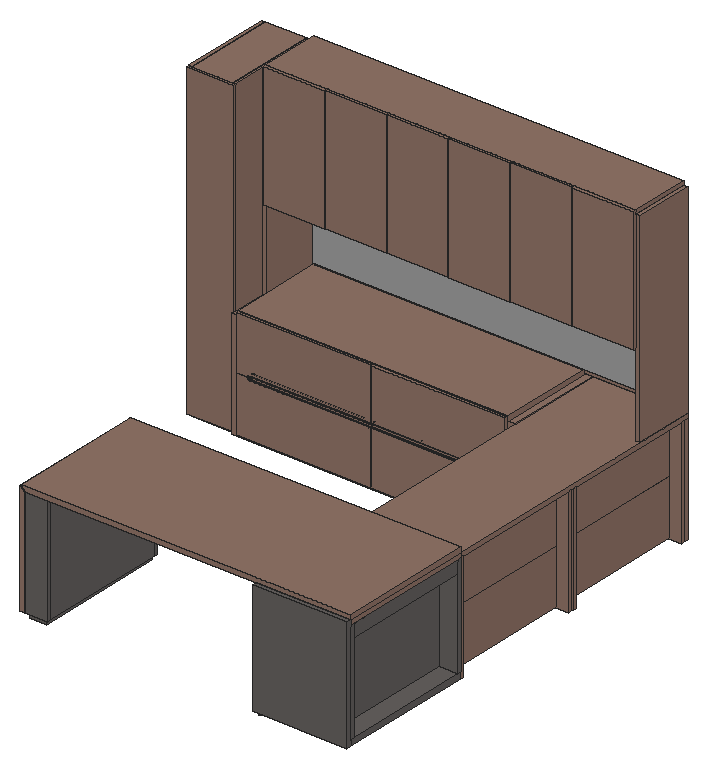
Revit family "OFS TYPICAL T100006", category Furniture, Revit 2022
Family settings
  OmniClass Number = 23.40.20.00
  OmniClass Title = General Furniture and Specialties
  Work Plane-Based = No
  Always vertical = Yes
  Cut with Voids When Loaded = No
  Render Appearance Source = Family Geometry
  Shared = No
  Room Calculation Point = No
Parameters (values of type "T100006")
  URL = "http://ofs.com/"
  Model = "T100006"
  Manufacturer = "OFS"
  Description = "OFS TYPICAL T100006"
  Default Elevation = 0' - 0"
  Copyright © = "©OFS 2024"
  Catalog = ""
  Authoring Version = "Autodesk Revit 2018"
  Assembly Code = "E2020200"
Reference planes (in)
  plane 1 "Center Front/Back": y = 0
  plane 2: z = 0
  plane 3 "Center Left/Right": x = 0
Dimensions and locks (in)
  aligned and locked: level to plane 2
Nested families (in)
  nested 1: "OFS SLATE STORAGE CABINET WARDROBE" at (-12, 0, 0), type "Storage Cabinet-Wardrobe 24.75D Left - 12W x 81H"
    with Top OFS SLATE Dark Wood, Right no, Left yes, Glides OFS SLATE Black Plastic, Door OFS SLATE Dark Wood, Case OFS SLATE Dark Wood, Base OFS SLATE Dark Wood
  nested 2: "OFS SLATE BRIDGES" at (72, 0, 0) x (0, -1, 0) z (0, 0, 1), type "72W Return Extended Bridge - Left"
    with Top OFS SLATE Dark Wood, Panel OFS SLATE Dark Wood
  nested 3: "OFS SLATE TACKBOARDS" at (0.125, 0, 0.375), type "Tackboard 96W x 19D"
    with Elevation 2' - 6 1/2", Board OFS SLATE White Fabric
  nested 4: "OFS SLATE CREDENZAS" at (0, 0, 0), type "72"W Overlay Lateral File"
    with Top OFS Dark Wood, Panel OFS Dark Wood, Glides OFS Black Plastic, Drawers OFS Dark Wood, Case OFS Dark Wood, Base OFS Dark Wood
  nested 5: "OFS SLATE OVERLAY WORK TABLE HEIGHT ADJUSTABLE" at (96, -108, 0) x (-1, 0, 0) z (0, 0, 1), type "OVERLAY WORK TABLE HEIGHT ADJUSTABLE 84W x 36D Right"
    with Worksurface OFS BRANDS Dark Wood, Panel OFS BRANDS Black Wood, Feet OFS BRANDS White Glide
  nested 6: "OFS SLATE OVERLAY HIGHBACK ORGANIZER" at (0, 0, 0), type "Overlay Highback Organizer 6 Doors 96W x 52H - 2 High"
    with Top OFS BRANDS Dark Wood, Show Doors yes, Panel OFS BRANDS Dark Wood, Elevation 2' - 5 1/4", Doors OFS BRANDS Dark Wood, Center Doors yes, Base Panel OFS BRANDS Dark Wood, Base OFS BRANDS Dark Wood, Back OFS BRANDS Dark Wood
Definition of nested family "OFS SLATE STORAGE CABINET WARDROBE"
  Parameters (values of type "Storage Cabinet-Wardrobe 18D Left - 12W x 69H")
    Width = 1' - 0"
    URL = "http://www.ofs.com/"
    Top [instance] = none
    Right [instance] = no
    Model = "CA-121869LSW"
    Manufacturer = "CAROLINA"  # constant formula
    Left [instance] = yes
    Height = 5' - 9"
    Glides [instance] = none
    Door [instance] = none
    Description = "OFS SLATE Storage Cabinet/Wardrobe Left 12W x 18D x 68.75H, Slate Private Office"
    Depth = 1' - 6"
    Default Elevation = 0' - 0"
    Copyright © = "© 2019 OFS"  # constant formula
    Catalog = "https://ofs.com/products/tables/conference/slate"  # constant formula
    Case [instance] = none
    Base [instance] = none
    Authoring Version = "Autodesk Revit Architecture 2014"  # constant formula
    Assembly Code = "E2020200"
  Types (16): name | Width | Right | Model | Left | Height | Description | Depth
    Storage Cabinet-Wardrobe 24.75D Left - 18W x 81H | 1' - 6" | no | "CA-18481LSW" | yes | 6' - 9" | "OFS SLATE Storage Cabinet/Wardrobe Left 18W x 24.75D x 80.75H, Slate Private Office" | 2' - 0"
    Storage Cabinet-Wardrobe 24.75D Left - 12W x 81H | 1' - 0" | no | "CA-122481LSW" | yes | 6' - 9" | "OFS SLATE Storage Cabinet/Wardrobe Left 12W x 24.75D x 80.75H, Slate Private Office" | 2' - 0"
    Storage Cabinet-Wardrobe 24.75D Left - 18W x 69H | 1' - 6" | no | "CA-182469LSW" | yes | 5' - 9" | "OFS SLATE Storage Cabinet/Wardrobe Left 18W x 24.75D x 68.75H, Slate Private Office" | 2' - 0"
    Storage Cabinet-Wardrobe 24.75D Left - 12W x 69H | 1' - 0" | no | "CA-122469LSW" | yes | 5' - 9" | "OFS SLATE Storage Cabinet/Wardrobe Left 12W x 24.75D x 68.75H, Slate Private Office" | 2' - 0"
    Storage Cabinet-Wardrobe 24.75D Right - 18W x 81H | 1' - 6" | yes | "CA-182481RSW" | no | 6' - 9" | "OFS SLATE Storage Cabinet/Wardrobe Right 18W x 24.75D x 80.75H, Slate Private Office" | 2' - 0"
    Storage Cabinet-Wardrobe 24.75D Right - 12W x 81H | 1' - 0" | yes | "CA-122481RSW" | no | 6' - 9" | "OFS SLATE Storage Cabinet/Wardrobe Right 12W x 24.75D x 80.75H, Slate Private Office" | 2' - 0"
    Storage Cabinet-Wardrobe 24.75D Right - 18W x 69H | 1' - 6" | yes | "CA-182469RSW" | no | 5' - 9" | "OFS SLATE Storage Cabinet/Wardrobe Right 18W x 24.75D x 68.75H, Slate Private Office" | 2' - 0"
    Storage Cabinet-Wardrobe 24.75D Right - 12W x 69H | 1' - 0" | yes | "CA-122469RSW" | no | 5' - 9" | "OFS SLATE Storage Cabinet/Wardrobe Right 12W x 24.75D x 68.75H, Slate Private Office" | 2' - 0"
    Storage Cabinet-Wardrobe 18D Left - 18W x 81H | 1' - 6" | no | "CA-181881LSW" | yes | 6' - 9" | "OFS SLATE Storage Cabinet/Wardrobe Left 18W x 18D x 80.75H, Slate Private Office" | 1' - 6"
    Storage Cabinet-Wardrobe 18D Left - 12W x 81H | 1' - 0" | no | "CA-121881LSW" | yes | 6' - 9" | "OFS SLATE Storage Cabinet/Wardrobe Left 12W x 18D x 80.75H, Slate Private Office" | 1' - 6"
    Storage Cabinet-Wardrobe 18D Left - 18W x 69H | 1' - 6" | no | "CA-181869LSW" | yes | 5' - 9" | "OFS SLATE Storage Cabinet/Wardrobe Left 18W x 18D x 68.75H, Slate Private Office" | 1' - 6"
    Storage Cabinet-Wardrobe 18D Left - 12W x 69H | 1' - 0" | no | "CA-121869LSW" | yes | 5' - 9" | "OFS SLATE Storage Cabinet/Wardrobe Left 12W x 18D x 68.75H, Slate Private Office" | 1' - 6"
    Storage Cabinet-Wardrobe 18D Right - 18W x 81H | 1' - 6" | yes | "CA-181881RSW" | no | 6' - 9" | "OFS SLATE Storage Cabinet/Wardrobe Right 18W x 18D x 80.75H, Slate Private Office" | 1' - 6"
    Storage Cabinet-Wardrobe 18D Right - 12W x 81H | 1' - 0" | yes | "CA-121881RSW" | no | 6' - 9" | "OFS SLATE Storage Cabinet/Wardrobe Right 12W x 18D x 80.75H, Slate Private Office" | 1' - 6"
    Storage Cabinet-Wardrobe 18D Right - 18W x 69H | 1' - 6" | yes | "CA-181869RSW" | no | 5' - 9" | "OFS SLATE Storage Cabinet/Wardrobe Right 18W x 18D x 68.75H, Slate Private Office" | 1' - 6"
    Storage Cabinet-Wardrobe 18D Right - 12W x 69H | 1' - 0" | yes | "CA-121869RSW" | no | 5' - 9" | "OFS SLATE Storage Cabinet/Wardrobe Right 12W x 18D x 68.75H, Slate Private Office" | 1' - 6"
  Reference planes (in)
    plane 1 "Center (Front/Back)": y = 0
    plane 2: z = 0
    plane 3 "Center (Left/Right)": x = 0
    plane 4: x = 12
    plane 5: x = 6
    plane 6: y = -18
    plane 7: y = -21.66451
    plane 8: z = 68.7
    plane 9: z = 68.6375
    plane 10: z = 67.95
    plane 11: z = 1.7625
    plane 12: z = 2.45
    plane 13: z = 1.7
    plane 14: z = 0.45
    plane 15: z = 69
  Dimensions and locks (in)
    "Width": plane 3 "Center (Left/Right)" to plane 4
    equal spacing: plane 3 "Center (Left/Right)", plane 5, plane 4
    plane 15 to plane 8 to plane 9 to plane 10 = 0' - 0.3" locked, 0' - 0 1/16" locked, 0' - 0 11/16" locked
    plane 12 to plane 11 to plane 13 to plane 14 to level = 0' - 0 11/16" locked, 0' - 0 1/16" locked, 0' - 1 1/4" locked, 0' - 0.45" locked
    "Height": plane 15 to level
    equal spacing: nested 3, nested 4, plane 3 "Center (Left/Right)"
    locked: plane 7 to plane 6 at 3.66451
    "Depth": plane 6 to plane 1 "Center (Front/Back)"
    aligned and locked: level to plane 2
    aligned and locked: nested 1 to plane 7
    aligned and locked: plane 5 to nested 1
    aligned and locked: nested 4 to plane 7
  Nested families (in)
    nested 1: "Tag" at (6, -21.66451, 0) x (-1, 0, 0) z (0, 0, 1), visible <- "Left", type "Center", detail levels fine
      with Offset (LR) 0' - 0", Distance of Center (not Change) 0' - 0.11"
    nested 2: "OFS_Slate Private Office_Storage_Cabinet_Wardrobe" at (0, 0, 0), Top <- "Top", Glides <- "Glides", Drawers <- "Door", Case <- "Case", Base <- "Base", visible <- "Left", type "OFS_Slate Private Office_Storage_Cabinet_Wardrobe"
      with Top none, Right no, Left yes, Glides none, Drawers none, Case none, Base none
    nested 3: "OFS_Slate Private Office_Storage_Cabinet_Wardrobe" at (0, 0, 0) x (-1, 0, 0) z (0, 0, 1), Top <- "Top", Glides <- "Glides", Drawers <- "Door", Case <- "Case", Base <- "Base", visible <- "Right", type "OFS_Slate Private Office_Storage_Cabinet_Wardrobe"
      with Top none, Right no, Left yes, Glides none, Drawers none, Case none, Base none
    nested 4: "Tag" at (-6, -21.66451, 0), visible <- "Right", type "Center", detail levels fine
      with Offset (LR) 0' - 0", Distance of Center (not Change) 0' - 0.11"
  Definition of nested family "OFS_Slate Private Office_Storage_Cabinet_Wardrobe"
    Parameters
      Width = 1' - 0"
      URL = "http://www.ofsbrands.com/"
      Top [instance] = none
      Right [instance] = no
      Model = "Type Catalog"
      Manufacturer = "OFS BRANDS"  # constant formula
      Left [instance] = yes
      Height = 5' - 9"
      Glides [instance] = none
      Drawers [instance] = none
      Description = "Type Catalog"
      Depth = 1' - 6"
      Default Elevation = 0' - 0"
      Copyright © = "© 2016 OFS BRANDS"  # constant formula
      Catalog = "OFS"  # constant formula
      Case [instance] = none
      Base [instance] = none
      Authoring Version = "Autodesk Revit Architecture 2014"  # constant formula
      Assembly Code = "E2020200"
    Reference planes (in)
      plane 1 "Center (Front/Back)": y = 0
      plane 2: z = 0
      plane 3 "Center (Left/Right)": x = 0
      plane 4: x = 12
      plane 5: x = 6
      plane 6: y = -0.75
      plane 7: y = -1.37544
      plane 8: y = -18
      plane 9: y = -17.25
      plane 10: y = -16.375
      plane 11: y = -14.99956
      plane 12: y = -15.625
      plane 13: y = -21.66451
      plane 14: x = 0.75
      plane 15: x = 2.25
      plane 16: x = 9.75
      plane 17: x = 11.25
      plane 18: z = 68.7
      plane 19: z = 68.6375
      plane 20: z = 67.95
      plane 21: z = 1.7625
      plane 22: z = 2.45
      plane 23: z = 1.7
      plane 24: z = 0.45
      plane 25: z = 69
    Forms (in)
      Revolve 1, solid, material <- "Glides"
        sketch origin (14.86463, -1.37544, 140) x (1, 0, 0) y (0, 0, 1)
          loop
            line (-13.47373, -139.55) -> (-13.72373, -139.55) -> (-13.72373, -139.74756) -> (-13.76241, -139.74756)
            arc (-13.76241, -139.74756) -> (-13.84683, -139.89216) -> (-13.71873, -140) r 0.13
            line (-13.71873, -140) -> (-13.47373, -140) -> (-13.47373, -139.55)
          axis (-13.47373, -139.55) -> (-13.47373, -140)
        angle from 0 to 360
      Revolve 2, solid, material <- "Glides"
        sketch origin (-2.86463, -1.37544, 140) x (-1, 0, 0) y (0, 0, -1)
          loop
            line (-13.47373, 139.55) -> (-13.47373, 140) -> (-13.71873, 140)
            arc (-13.71873, 140) -> (-13.84683, 139.89216) -> (-13.76241, 139.74756) r 0.13
            line (-13.76241, 139.74756) -> (-13.72373, 139.74756) -> (-13.72373, 139.55) -> (-13.47373, 139.55)
          axis (-13.47373, 139.55) -> (-13.47373, 140)
        angle from 0 to 360
      Revolve 3, solid, material <- "Glides"
        sketch origin (14.86463, -14.99956, 140) x (1, 0, 0) y (0, 0, 1)
          loop
            line (-13.47373, -139.55) -> (-13.72373, -139.55) -> (-13.72373, -139.74756) -> (-13.76241, -139.74756)
            arc (-13.76241, -139.74756) -> (-13.84683, -139.89216) -> (-13.71873, -140) r 0.13
            line (-13.71873, -140) -> (-13.47373, -140) -> (-13.47373, -139.55)
          axis (-13.47373, -139.55) -> (-13.47373, -140)
        angle from 0 to 360
      Revolve 4, solid, material <- "Glides"
        sketch origin (14.86463, -14.99956, 140) x (1, 0, 0) y (0, 0, 1)
          loop
            line (-4.25553, -139.55) -> (-4.25553, -140) -> (-4.01053, -140)
            arc (-4.01053, -140) -> (-3.88244, -139.89216) -> (-3.96686, -139.74756) r 0.13
            line (-3.96686, -139.74756) -> (-4.00553, -139.74756) -> (-4.00553, -139.55) -> (-4.25553, -139.55)
          axis (-4.25553, -139.55) -> (-4.25553, -140)
        angle from 0 to 360
      Extrusion 5, solid, material <- "Case"
        sketch origin (-18.37457, -60, 0.45) x (-1, 0, 0) y (0, -1, 0)
          loop
            line (-19.12457, -59.25) -> (-19.12457, -57.75) -> (-20.62457, -57.75) -> (-20.62457, -59.25) -> (-19.12457, -59.25)
          loop
            line (-28.12457, -59.25) -> (-28.12457, -57.75) -> (-29.62457, -57.75) -> (-29.62457, -59.25) -> (-28.12457, -59.25)
          loop
            line (-19.12457, -44.375) -> (-20.62457, -44.375) -> (-20.62457, -45.875) -> (-19.12457, -45.875) -> (-19.12457, -44.375)
          loop
            line (-28.12457, -44.375) -> (-29.62457, -44.375) -> (-29.62457, -45.875) -> (-28.12457, -45.875) -> (-28.12457, -44.375)
        from 0 to 1.25
      Sweep 6, solid, material <- "Case"
        path origin (-18.37457, -60, 0.45) x (-1, 0, 0) y (0, -1, 0)
          loop
            line (-19.12457, -60) -> (-19.12457, -44.375) -> (-29.62457, -44.375) -> (-29.62457, -60)
        profile origin (6, -15.625, 0.45) x (0, 1, 0) y (0, 0, 1)
          loop
            line (0, 0) -> (0, 1.25) -> (-0.75, 1.25) -> (-0.75, 0) -> (0, 0)
      Extrusion 7, solid, material <- "Case"
        sketch origin (0, 0, 0) x (1, 0, 0) y (0, 0, 1)
          loop
            line (0, 1.7) -> (0.75, 1.7) -> (0.75, 68.7) -> (0, 68.7) -> (0, 1.7)
          loop
            line (12, 1.7) -> (12, 68.7) -> (11.25, 68.7) -> (11.25, 1.7) -> (12, 1.7)
        from 0 to 17.25
      Extrusion 8, solid, material <- "Drawers"
        sketch origin (-3.04745, -18, 140) x (-1, 0, 0) y (0, 0, 1)
          loop
            line (-14.98502, -138.2375) -> (-3.10988, -138.2375) -> (-3.10988, -71.3625) -> (-14.98502, -71.3625) -> (-14.98502, -138.2375)
        from 0 to 0.75
      Extrusion 9, solid, material <- "Top"
        sketch origin (0.75, 2.87053, 140) x (0, 1, 0) y (0, 0, 1)
          loop
            line (-2.87053, -71.3) -> (-20.12053, -71.3) -> (-20.12053, -72.05) -> (-2.87053, -72.05) -> (-2.87053, -71.3)
        from 0 to 10.5
      Extrusion 10, solid, material <- "Base"
        sketch origin (0.75, 2.87053, 140) x (0, 1, 0) y (0, 0, 1)
          loop
            line (-3.62053, -137.55) -> (-20.12053, -137.55) -> (-20.12053, -138.3) -> (-3.62053, -138.3) -> (-3.62053, -137.55)
        from 0 to 10.5
      Extrusion 11, solid, material <- "Case"
        sketch origin (-18.37457, -60, 0.45) x (-1, 0, 0) y (0, -1, 0)
          loop
            line (-19.12457, -60) -> (-19.12457, -59.25) -> (-29.62457, -59.25) -> (-29.62457, -60) -> (-19.12457, -60)
        from 0 to 67.5
    Cuts and joins
      joined: Sweep 6, Extrusion 7
      joined: Revolve 1, Revolve 2, Revolve 3, Revolve 4
    Lines and regions (in)
      Masking region 1
        outline origin (-18.37457, -60, 68.7) x (-1, 0, 0) y (0, -1, 0)
          loop
            line (-18.37457, -60) -> (-18.37457, -42) -> (-30.37457, -42) -> (-30.37457, -60) -> (-18.37457, -60)
      symbolic lines, detail levels medium+fine
        curve 1: line (0, -18, 68.7) -> (12, -21.66451, 68.7)
        curve 2: line (12, -21.66451, 68.7) -> (12, -18, 68.7)
    Dimensions and locks (in)
      "Width": plane 3 "Center (Left/Right)" to plane 4
      equal spacing: plane 3 "Center (Left/Right)", plane 5, plane 4
      plane 3 "Center (Left/Right)" to plane 14 to plane 15 = 0' - 0 3/4" locked, 0' - 1 1/2" locked
      plane 16 to plane 17 to plane 4 = 0' - 1 1/2" locked, 0' - 0 3/4" locked
      plane 13 to plane 8 to plane 9 to plane 10 to plane 12 to plane 11 = 0' - 3.66451" locked, 0' - 0 3/4" locked, 0' - 0 7/8" locked, 0' - 0 3/4" locked, 0' - 0.62544" locked
      plane 7 to plane 6 to plane 1 "Center (Front/Back)" = 0' - 0.62544" locked, 0' - 0 3/4" locked
      "Depth": plane 8 to plane 1 "Center (Front/Back)"
      plane 25 to plane 18 to plane 19 to plane 20 = 0' - 0.3" locked, 0' - 0 1/16" locked, 0' - 0 11/16" locked
      plane 22 to plane 21 to plane 23 to plane 24 to level = 0' - 0 11/16" locked, 0' - 0 1/16" locked, 0' - 1 1/4" locked, 0' - 0.45" locked
      "Height": plane 25 to level
      aligned and locked: level to plane 2
      aligned and locked: Extrusion 5 sketch curve to plane 6  (x2)
      aligned and locked: plane 14 to Extrusion 5 sketch curve
      aligned and locked: Extrusion 5 sketch curve to plane 15
      aligned and locked: plane 16 to Extrusion 5 sketch curve
      aligned and locked: plane 17 to Extrusion 5 sketch curve
      aligned and locked: Extrusion 5 sketch curve to plane 12  (x2)
      aligned and locked: Extrusion 5 sketch curve to plane 14
      aligned and locked: plane 15 to Extrusion 5 sketch curve
      aligned and locked: Extrusion 5 sketch curve to plane 16
      aligned and locked: Extrusion 5 sketch curve to plane 17
      aligned and locked: plane 23 to Extrusion 5
      aligned and locked: Sweep 6 sketch curve to plane 12
      aligned and locked: plane 18 to Extrusion 7 sketch curve
      aligned and locked: Extrusion 7 sketch curve to plane 3 "Center (Left/Right)"
      aligned and locked: plane 14 to Extrusion 7 sketch curve
      aligned and locked: Extrusion 7 sketch curve to plane 18
      aligned and locked: Extrusion 7 sketch curve to plane 17
      aligned and locked: Extrusion 7 sketch curve to plane 4
      aligned and locked: plane 9 to Extrusion 7
      aligned and locked: plane 19 to Extrusion 8 sketch curve
      aligned and locked: plane 21 to Extrusion 8 sketch curve
      aligned and locked: Extrusion 9 sketch curve to plane 9
      aligned and locked: Extrusion 9 sketch curve to plane 18
      aligned and locked: plane 20 to Extrusion 9 sketch curve
      aligned and locked: plane 1 "Center (Front/Back)" to Extrusion 9 sketch curve
      aligned and locked: Extrusion 10 sketch curve to plane 22
      aligned and locked: Extrusion 10 sketch curve to plane 6
      aligned and locked: Extrusion 10 to plane 17
      aligned and locked: Extrusion 11 sketch curve to Extrusion 10
      aligned and locked: plane 20 to Extrusion 11
      aligned and locked: Extrusion 9 to plane 17
      aligned and locked: plane 14 to Sweep 6 sketch curve
      aligned and locked: plane 17 to Sweep 6 sketch curve
      aligned and locked: Extrusion 11 to plane 24
      aligned and locked: Masking region 1 sketch curve to plane 4
      aligned and locked: plane 3 "Center (Left/Right)" to Masking region 1 sketch curve
      aligned and locked: plane 1 "Center (Front/Back)" to Masking region 1 sketch curve
      aligned and locked: plane 8 to Masking region 1 sketch curve
      aligned and locked: plane 13 to curve 1
      aligned and locked: plane 4 to curve 1
      aligned and locked: plane 3 "Center (Left/Right)" to curve 1
      aligned and locked: plane 8 to curve 1
      aligned and locked: plane 8 to curve 2
      aligned and locked: Extrusion 7 sketch curve to plane 23
      aligned and locked: plane 23 to Extrusion 7 sketch curve
      aligned and locked: plane 1 "Center (Front/Back)" to Sweep 6 sketch curve  (x2)
    Automatic sketch dimensions
      Revolve 1 sketch curve to plane 24 = 0' - 0"
      Revolve 1 sketch curve to level = 0' - 0"
      Revolve 1 sketch curve to plane 24 = 0' - 0.19756"
      plane 14 to Revolve 1 sketch curve = 0' - 0.35223"
      Revolve 1 sketch curve to Revolve 1 sketch curve = 0' - 0.03868"
      Revolve 1 sketch curve to Revolve 1 sketch curve = 0' - 0.005"
      Revolve 1 sketch curve to Revolve 1 sketch curve = 0' - 0.245"
      Revolve 1 sketch curve to Revolve 1 sketch curve = 0' - 0"
      Revolve 1 sketch curve to level = 0' - 0.14265"
      Revolve 1 sketch curve to Revolve 1 sketch curve = 0' - 0.19756"
      Revolve 2 sketch curve to plane 24 = 0' - 0"
      Revolve 2 sketch curve to level = 0' - 0"
      Revolve 2 sketch curve to plane 24 = 0' - 0.19756"
      plane 17 to Revolve 2 sketch curve = 0' - 0.35223"
      Revolve 2 sketch curve to Revolve 2 sketch curve = 0' - 0.03868"
      Revolve 2 sketch curve to Revolve 2 sketch curve = 0' - 0.005"
      Revolve 2 sketch curve to Revolve 2 sketch curve = 0' - 0.245"
      Revolve 2 sketch curve to Revolve 2 sketch curve = 0' - 0"
      Revolve 2 sketch curve to Revolve 2 sketch curve = 0' - 0.19756"
      Revolve 2 sketch curve to level = 0' - 0.14265"
      Revolve 3 sketch curve to plane 24 = 0' - 0"
      Revolve 3 sketch curve to level = 0' - 0"
      Revolve 3 sketch curve to plane 24 = 0' - 0.19756"
      plane 14 to Revolve 3 sketch curve = 0' - 0.35223"
      Revolve 3 sketch curve to Revolve 3 sketch curve = 0' - 0.03868"
      Revolve 3 sketch curve to Revolve 3 sketch curve = 0' - 0.005"
      Revolve 3 sketch curve to Revolve 3 sketch curve = 0' - 0.245"
      Revolve 3 sketch curve to Revolve 3 sketch curve = 0' - 0"
      Revolve 3 sketch curve to level = 0' - 0.14265"
      Revolve 3 sketch curve to Revolve 3 sketch curve = 0' - 0.19756"
      Revolve 4 sketch curve to plane 24 = 0' - 0"
      Revolve 4 sketch curve to level = 0' - 0"
      plane 17 to Revolve 4 sketch curve = 0' - 0.6409"
      Revolve 4 sketch curve to Revolve 4 sketch curve = 0' - 0.245"
      Revolve 4 sketch curve to Revolve 4 sketch curve = 0' - 0.005"
      Revolve 4 sketch curve to Revolve 4 sketch curve = 0' - 0.03868"
      Revolve 4 sketch curve to Revolve 4 sketch curve = 0' - 0.13"
      Revolve 4 sketch curve to Revolve 4 sketch curve = 0' - 0"
      Revolve 4 sketch curve to level = 0' - 0.14265"
      Revolve 4 sketch curve to Revolve 4 sketch curve = 0' - 0.19756"
      plane 7 to Extrusion 5 sketch curve = 0' - 0.87456"  (x2)
      Extrusion 5 sketch curve to plane 11 = 0' - 0.87456"  (x2)
      Sweep 6 sketch curve to plane 24 = 0' - 0"
      Sweep 6 sketch curve to profile plane = 0' - 0"
      profile plane to Sweep 6 sketch curve = 0' - 0 3/4"
      Sweep 6 sketch curve to Sweep 6 sketch curve = 0' - 1 1/4"
      Extrusion 8 sketch curve to plane 4 = 0' - 0.06243"
      plane 3 "Center (Left/Right)" to Extrusion 8 sketch curve = 0' - 0.06243"
      Extrusion 11 sketch curve to plane 6 = 0' - 0"
      Extrusion 10 sketch curve to plane 9 = 0' - 0"
      Extrusion 10 sketch curve to plane 23 = 0' - 0"
      Extrusion 11 sketch curve to plane 14 = 0' - 0"
      plane 1 "Center (Front/Back)" to Extrusion 11 sketch curve = 0' - 0"
  Definition of nested family "Tag"
    Parameters
      P_Width = 0' - 0"
      Text_Width = "Empty"
      Text_Height = "Empty"
      Text_Diameter = "Empty"
      Text_Depth = "Empty"
      Offset (LR) [instance] = 0' - 0"
      Model Name = "Type Catalog"
      P_Height = 0' - 0"
      Distance of Center (not Change) = 0' - 0.1"
      P_Diameter = 0' - 0"
      P_Depth = 0' - 0"
    Reference planes (in)
      plane 1: y = 0
      plane 2: x = 0
    Lines and regions (in)
      reference lines
        curve 1: line (-0.44359, 0.1, 0) -> (0.41085, 0.1, 0)
        curve 3: line (0, 0.42564, 0) -> (0, -0.30221, 0)
      reference lines, not visible
        curve 2: line (-0.44359, 0.09843, 0) -> (0.41085, 0.09843, 0)
        curve 4: line (0, 0.42407, 0) -> (0, -0.30379, 0)
    Text (in)
      label "Empty" at (0.00197, 0.0921, 0), shows "Model Name"
      label "Empty" at (0.00197, 0.09052, 0), shows "Model Name", not visible
    Dimensions and locks (in)
      "Distance of Center (not Change)": plane 1 to curve 1
      "Offset (LR)": curve 3 to plane 2
    Automatic sketch dimensions
      curve 1 to curve 3 = 0' - 0.44359"
      curve 3 to curve 1 = 0' - 0.41085"
      curve 3 to curve 1 = 0' - 0.40221"
      curve 1 to curve 3 = 0' - 0.32564"
      curve 2 to curve 4 = 0' - 0.44359"
      curve 4 to curve 2 = 0' - 0.41085"
      curve 4 to curve 2 = 0' - 0.40221"
      curve 2 to curve 4 = 0' - 0.32564"
Definition of nested family "OFS SLATE BRIDGES"
  Parameters (values of type "84W Return Extended Bridge - Right")
    Width = 7' - 0"
    URL = "http://www.ofs.com/"
    Type = 3
    Right Extended Bridge = Type = 3  # yes
    Left Extended Bridge = Type = 4  # no
    Default Elevation = 0' - 0"
    Bridge Top = or(Type = 1, Type = 2)  # no
    Back Panel = Type = 2  # no
    Description = "OFS SLATE 84W Right Return Extended Bridge"
    Model = "CA-2484RPRS"
    Manufacturer = "CAROLINA"
    Copyright © = "© 2019 OFS"
    Catalog = "https://ofs.com/products/tables/conference/slate"
    Authoring Version = "Autodesk Revit Architecture 2014"
    Assembly Code = "E2020200"
    Top [instance] = none
    Panel [instance] = none
  Types (12): name | Width | Type | Right Extended Bridge | Left Extended Bridge | Bridge Top | Back Panel | Description | Model
    84W Return Extended Bridge - Left | 7' - 0" | 4 | no | yes | no | no | "OFS SLATE 84W Left Return Extended Bridge" | "CA-2484LPRS"
    78W Return Extended Bridge - Left | 6' - 6" | 4 | no | yes | no | no | "OFS SLATE 78W Left Return Extended Bridge" | "CA-2478LPRS"
    72W Return Extended Bridge - Left | 6' - 0" | 4 | no | yes | no | no | "OFS SLATE 72W Left Return Extended Bridge" | "CA-2472LPRS"
    66W Return Extended Bridge - Left | 5' - 6" | 4 | no | yes | no | no | "OFS SLATE 66W Left Return Extended Bridge" | "CA-2466LPRS"
    84W Return Extended Bridge - Right | 7' - 0" | 3 | yes | no | no | no | "OFS SLATE 84W Right Return Extended Bridge" | "CA-2484RPRS"
    78W Return Extended Bridge - Right | 6' - 6" | 3 | yes | no | no | no | "OFS SLATE 78W Right Return Extended Bridge" | "CA-2478RPRS"
    72W Return Extended Bridge - Right | 6' - 0" | 3 | yes | no | no | no | "OFS SLATE 72W Right Return Extended Bridge" | "CA-2472RPRS"
    66W Return Extended Bridge - Right | 5' - 6" | 3 | yes | no | no | no | "OFS SLATE 66W Right Return Extended Bridge" | "CA-2466RPRS"
    48 Bridge Top With Back Panel | 4' - 0" | 2 | no | no | yes | yes | "OFS SLATE 48W Bridge Top With Back Panel" | "CA-2448BR"
    42 Bridge Top With Back Panel | 3' - 6" | 2 | no | no | yes | yes | "OFS SLATE 42W Bridge Top With Back Panel" | "CA-2442BR"
    48 Bridge Top | 4' - 0" | 1 | no | no | yes | no | "OFS SLATE 48W Return Bridge Top" | "CA-2448BRT"
    42 Bridge Top | 3' - 6" | 1 | no | no | yes | no | "OFS SLATE 42W Return Bridge Top" | "CA-2442BRT"
  Reference planes (in)
    plane 1 "Center (Front/Back)": y = 0
    plane 2: z = 0
    plane 3 "Center (Left/Right)": x = 0
    plane 4 "rrr": through (-2.45771, -5.50063, 16.56517) normal (0.0223, 0.0194, 0.9996)
    plane 5: x = 84
    plane 6: y = -1.1875
    plane 7: y = -24
    plane 8: z = 29.2
    plane 9: z = 28.0125
    plane 10: z = 0.45
    plane 11: x = 42
    plane 12: x = -84
    plane 13: x = -42.59375
    plane 14: x = -1.1875
    plane 15: x = 1.1875
    plane 16: z = 28.0125
    plane 17: z = 27.2625
    plane 18: z = 0.45
    plane 19: y = 24
  Forms (in)
    Extrusion 1, solid, material <- "Top", visible <- "Bridge Top"
      sketch origin (0, 0, 0) x (0, 1, 0) y (0, 0, 1)
        loop
          line (0, 29.2) -> (-24, 29.2) -> (-24, 28.0125) -> (0, 28.0125) -> (0, 29.2)
      from 0 to 84
    Extrusion 2, solid, material <- "Panel", visible <- "Back Panel"
      sketch origin (0, 0, 0) x (0, 1, 0) y (0, 0, 1)
        loop
          line (0, 28.0125) -> (-1.1875, 28.0125) -> (-1.1875, 0.45) -> (0, 0.45) -> (0, 28.0125)
      from 0 to 84
    Extrusion 3, solid, material <- "Top", visible <- "Right Extended Bridge"
      sketch origin (0, 0, 0) x (0, 1, 0) y (0, 0, 1)
        loop
          line (24, 29.2) -> (0, 29.2) -> (0, 28.0125) -> (24, 28.0125) -> (24, 29.2)
      from 0 to -84
    Sweep 4, solid, material <- "Panel", visible <- "Right Extended Bridge"
      path origin (0, 24, 47.24409) x (1, 0, 0) y (0, 0, 1)
        loop
          line (-42.59375, -19.23159) -> (-42.59375, -46.79409)
      profile origin (-42.59375, 24, 14.23125) x (0, -1, 0) y (1, 0, 0)
        loop
          line (0, -0.375) -> (9, -0.375) -> (9, 0.375) -> (0, 0.375) -> (0, -0.375)
    Sweep 5, solid, material <- "Panel", visible <- "Right Extended Bridge"
      path origin (0, 24, 47.24409) x (1, 0, 0) y (0, 0, 1)
        loop
          line (-42.59375, -19.23159) -> (-42.59375, -46.79409)
      profile origin (-42.59375, 24, 14.23125) x (0, -1, 0) y (1, 0, 0)
        loop
          line (0, 1.125) -> (0, 0.375) -> (3.25, 0.375) -> (3.25, 1.125) -> (0, 1.125)
        loop
          line (0, -1.125) -> (3.25, -1.125) -> (3.25, -0.375) -> (0, -0.375) -> (0, -1.125)
    Sweep 6, solid, material <- "Panel", visible <- "Right Extended Bridge"
      path origin (0, 24, 47.24409) x (1, 0, 0) y (0, 0, 1)
        loop
          line (-84, -46.79409) -> (-84, -19.23159)
      profile origin (-84, 24, 14.23125) x (-1, 0, 0) y (0, -1, 0)
        loop
          line (-0.75, 0) -> (0, 0) -> (0, 3.25) -> (-0.75, 3.25) -> (-0.75, 0)
    Sweep 7, solid, material <- "Panel", visible <- "Right Extended Bridge"
      path origin (0, 24, 47.24409) x (1, 0, 0) y (0, 0, 1)
        loop
          line (-1.1875, -19.23159) -> (-1.1875, -46.79409)
      profile origin (-1.1875, 24, 14.23125) x (0, -1, 0) y (1, 0, 0)
        loop
          line (0, 0) -> (0, -0.75) -> (3.25, -0.75) -> (3.25, 0) -> (0, 0)
    Extrusion 8, solid, material <- "Panel", visible <- "Right Extended Bridge"
      sketch origin (0, 0, 0) x (1, 0, 0) y (0, 0, 1)
        loop
          line (-1.1875, 28.0125) -> (-1.1875, 0.45) -> (0, 0.45) -> (0, 28.0125) -> (-1.1875, 28.0125)
      from 0 to -24
    Extrusion 9, solid, material <- "Panel", visible <- "Right Extended Bridge"
      sketch origin (-84, 24, 47.24409) x (0, 1, 0) y (0, 0, 1)
        loop
          line (-3.25, -32.79409) -> (-4, -32.79409) -> (-4, -46.79409) -> (-3.25, -46.79409) -> (-3.25, -32.79409)
      from 0 to 41.03125
    Extrusion 10, solid, material <- "Panel", visible <- "Right Extended Bridge"
      sketch origin (-1.1875, 24, 47.24409) x (0, 1, 0) y (0, 0, -1)
        loop
          line (-3.25, 32.79409) -> (-3.25, 46.79409) -> (-4, 46.79409) -> (-4, 32.79409) -> (-3.25, 32.79409)
      from 0 to 41.03125
    Extrusion 11, solid, material <- "Panel", visible <- "Right Extended Bridge"
      sketch origin (0, 0, 0) x (1, 0, 0) y (0, 0, 1)
        loop
          line (-83.875, 27.2625) -> (-83.875, 14.575) -> (-43.09375, 14.575) -> (-43.09375, 27.2625) -> (-83.875, 27.2625)
      from -20.75 to -20
    Extrusion 12, solid, material <- "Panel", visible <- "Right Extended Bridge"
      sketch origin (0, 0, 0) x (1, 0, 0) y (0, 0, 1)
        loop
          line (-42.09375, 27.2625) -> (-42.09375, 14.575) -> (-1.3125, 14.575) -> (-1.3125, 27.2625) -> (-42.09375, 27.2625)
      from -20.75 to -20
    Extrusion 13, solid, material <- "Top", visible <- "Left Extended Bridge"
      sketch origin (0, 0, 0) x (0, 1, 0) y (0, 0, -1)
        loop
          line (24, -29.2) -> (24, -28.0125) -> (0, -28.0125) -> (0, -29.2) -> (24, -29.2)
      from 0 to -84
    Sweep 14, solid, material <- "Panel", visible <- "Left Extended Bridge"
      path origin (0, 24, 47.24409) x (-1, 0, 0) y (0, 0, -1)
        loop
          line (-42.59375, 19.23159) -> (-42.59375, 46.79409)
      profile origin (42.59375, 24, 14.23125) x (0, -1, 0) y (1, 0, 0)
        loop
          line (0, 0.375) -> (0, -0.375) -> (9, -0.375) -> (9, 0.375) -> (0, 0.375)
    Sweep 15, solid, material <- "Panel", visible <- "Left Extended Bridge"
      path origin (0, 24, 47.24409) x (-1, 0, 0) y (0, 0, -1)
        loop
          line (-42.59375, 19.23159) -> (-42.59375, 46.79409)
      profile origin (42.59375, 24, 14.23125) x (0, -1, 0) y (1, 0, 0)
        loop
          line (0, -1.125) -> (3.25, -1.125) -> (3.25, -0.375) -> (0, -0.375) -> (0, -1.125)
        loop
          line (0, 1.125) -> (0, 0.375) -> (3.25, 0.375) -> (3.25, 1.125) -> (0, 1.125)
    Sweep 16, solid, material <- "Panel", visible <- "Left Extended Bridge"
      path origin (0, 24, 47.24409) x (-1, 0, 0) y (0, 0, -1)
        loop
          line (-84, 46.79409) -> (-84, 19.23159)
      profile origin (84, 24, 14.23125) x (-1, 0, 0) y (0, -1, 0)
        loop
          line (0.75, 0) -> (0.75, 3.25) -> (0, 3.25) -> (0, 0) -> (0.75, 0)
    Sweep 17, solid, material <- "Panel", visible <- "Left Extended Bridge"
      path origin (0, 24, 47.24409) x (-1, 0, 0) y (0, 0, -1)
        loop
          line (-1.1875, 19.23159) -> (-1.1875, 46.79409)
      profile origin (1.1875, 24, 14.23125) x (0, -1, 0) y (1, 0, 0)
        loop
          line (0, 0) -> (3.25, 0) -> (3.25, 0.75) -> (0, 0.75) -> (0, 0)
    Extrusion 18, solid, material <- "Panel", visible <- "Left Extended Bridge"
      sketch origin (0, 0, 0) x (-1, 0, 0) y (0, 0, -1)
        loop
          line (-1.1875, -28.0125) -> (0, -28.0125) -> (0, -0.45) -> (-1.1875, -0.45) -> (-1.1875, -28.0125)
      from 0 to -24
    Extrusion 19, solid, material <- "Panel", visible <- "Left Extended Bridge"
      sketch origin (84, 24, 47.24409) x (0, 1, 0) y (0, 0, -1)
        loop
          line (-3.25, 32.79409) -> (-3.25, 46.79409) -> (-4, 46.79409) -> (-4, 32.79409) -> (-3.25, 32.79409)
      from 0 to 41.03125
    Extrusion 20, solid, material <- "Panel", visible <- "Left Extended Bridge"
      sketch origin (1.1875, 24, 47.24409) x (0, 1, 0) y (0, 0, 1)
        loop
          line (-3.25, -32.79409) -> (-4, -32.79409) -> (-4, -46.79409) -> (-3.25, -46.79409) -> (-3.25, -32.79409)
      from 0 to 41.03125
    Extrusion 21, solid, material <- "Panel", visible <- "Left Extended Bridge"
      sketch origin (0, 0, 0) x (-1, 0, 0) y (0, 0, -1)
        loop
          line (-83.875, -27.2625) -> (-43.09375, -27.2625) -> (-43.09375, -14.575) -> (-83.875, -14.575) -> (-83.875, -27.2625)
      from -20.75 to -20
    Extrusion 22, solid, material <- "Panel", visible <- "Left Extended Bridge"
      sketch origin (0, 0, 0) x (-1, 0, 0) y (0, 0, -1)
        loop
          line (-42.09375, -27.2625) -> (-1.3125, -27.2625) -> (-1.3125, -14.575) -> (-42.09375, -14.575) -> (-42.09375, -27.2625)
      from -20.75 to -20
  Lines and regions (in)
    Masking region 1, visible <- "Bridge Top"
      outline origin (0, 0, 0) x (1, 0, 0) y (0, 1, 0)
        loop
          line (0, 0) -> (0, -24) -> (84, -24) -> (84, 0) -> (0, 0)
    Masking region 2, visible <- "Right Extended Bridge"
      outline origin (0, 0, 0) x (1, 0, 0) y (0, 1, 0)
        loop
          line (-84, 24) -> (-84, 0) -> (0, 0) -> (0, 24) -> (-84, 24)
    Masking region 3, visible <- "Left Extended Bridge"
      outline origin (0, 0, 0) x (1, 0, 0) y (0, 1, 0)
        loop
          line (0, 24) -> (0, 0) -> (84, 0) -> (84, 24) -> (0, 24)
  Dimensions and locks (in)
    "Width": plane 3 "Center (Left/Right)" to plane 5
    equal spacing: plane 3 "Center (Left/Right)", plane 11, plane 5
    "Width": plane 12 to plane 3 "Center (Left/Right)"
    equal spacing: plane 12, plane 13, plane 14
    Sweep 4 sketch curve to profile plane to Sweep 4 sketch curve = 0' - 0 3/8" locked, 0' - 0 3/8" locked
    Sweep 14 sketch curve to profile plane to Sweep 14 sketch curve = 0' - 0 3/8" locked, 0' - 0 3/8" locked
    equal spacing: plane 15, Sweep 14 sketch curve, plane 5
    equal spacing: plane 15, Sweep 15 sketch curve, plane 5
    aligned and locked: level to plane 2
    aligned and locked: Extrusion 1 sketch curve to plane 8
    aligned and locked: plane 9 to Extrusion 1 sketch curve
    aligned and locked: plane 7 to Extrusion 1 sketch curve
    aligned and locked: plane 1 "Center (Front/Back)" to Extrusion 1 sketch curve
    aligned and locked: Extrusion 1 to plane 3 "Center (Left/Right)"
    aligned and locked: Extrusion 1 to plane 5
    aligned and locked: plane 1 "Center (Front/Back)" to Extrusion 2 sketch curve
    aligned and locked: Extrusion 2 sketch curve to plane 9
    aligned and locked: plane 10 to Extrusion 2 sketch curve
    aligned and locked: plane 6 to Extrusion 2 sketch curve
    aligned and locked: Extrusion 2 to plane 5
    aligned and locked: Extrusion 2 to plane 3 "Center (Left/Right)"
    aligned and locked: plane 3 "Center (Left/Right)" to Masking region 1 sketch curve
    aligned and locked: plane 1 "Center (Front/Back)" to Masking region 1 sketch curve
    aligned and locked: plane 5 to Masking region 1 sketch curve
    aligned and locked: Masking region 1 sketch curve to plane 7
    aligned and locked: plane 11 to nested 1
    aligned and locked: plane 7 to nested 1
    aligned and locked: plane 13 to nested 2
    aligned and locked: nested 2 to plane 1 "Center (Front/Back)"
    aligned and locked: plane 11 to nested 3
    aligned and locked: nested 3 to plane 1 "Center (Front/Back)"
    aligned and locked: Extrusion 3 sketch curve to plane 8
    aligned and locked: Extrusion 3 sketch curve to plane 1 "Center (Front/Back)"
    aligned and locked: Extrusion 3 sketch curve to plane 16
    aligned and locked: plane 19 to Extrusion 3 sketch curve
    aligned and locked: plane 3 "Center (Left/Right)" to Extrusion 3
    aligned and locked: Extrusion 3 to plane 12
    aligned and locked: plane 13 to Sweep 4 sketch curve
    aligned and locked: plane 10 to Sweep 4 sketch curve
    aligned and locked: plane 16 to Sweep 4 sketch curve
    aligned and locked: profile plane to Sweep 4 sketch curve
    aligned and locked: plane 10 to Sweep 5 sketch curve
    aligned and locked: plane 16 to Sweep 5 sketch curve
    aligned and locked: plane 13 to Sweep 5 sketch curve
    aligned and locked: Sweep 5 sketch curve to Sweep 4
    aligned and locked: Sweep 4 to Sweep 5 sketch curve
    aligned and locked: profile plane to Sweep 5 sketch curve
    aligned and locked: Sweep 5 sketch curve to profile plane
    aligned and locked: plane 16 to Sweep 6 sketch curve
    aligned and locked: plane 10 to Sweep 6 sketch curve
    aligned and locked: plane 12 to Sweep 6 sketch curve
    aligned and locked: Sweep 6 sketch curve to profile plane  (x2)
    aligned and locked: plane 16 to Sweep 7 sketch curve
    aligned and locked: plane 10 to Sweep 7 sketch curve
    aligned and locked: Sweep 7 sketch curve to plane 14
    aligned and locked: Sweep 7 sketch curve to profile plane  (x2)
    aligned and locked: Extrusion 8 sketch curve to plane 3 "Center (Left/Right)"
    aligned and locked: plane 14 to Extrusion 8 sketch curve
    aligned and locked: plane 16 to Extrusion 8 sketch curve
    aligned and locked: plane 10 to Extrusion 8 sketch curve
    aligned and locked: plane 1 "Center (Front/Back)" to Extrusion 8
    aligned and locked: Extrusion 9 sketch curve to plane 18
    aligned and locked: Extrusion 9 to plane 12
    aligned and locked: plane 14 to Extrusion 10
    aligned and locked: Extrusion 10 to Sweep 4
    aligned and locked: Extrusion 9 to Sweep 4
    aligned and locked: Extrusion 11 sketch curve to plane 17
    aligned and locked: Extrusion 12 sketch curve to plane 17
    aligned and locked: profile plane to Sweep 14 sketch curve
    aligned and locked: Sweep 15 sketch curve to Sweep 14  (x2)
    aligned and locked: profile plane to Sweep 15 sketch curve
    aligned and locked: Sweep 15 sketch curve to profile plane
    aligned and locked: Sweep 16 sketch curve to profile plane  (x2)
    aligned and locked: Sweep 17 sketch curve to profile plane  (x2)
    aligned and locked: Sweep 14 to Extrusion 20
    aligned and locked: Sweep 14 to Extrusion 19
    aligned and locked: Extrusion 13 to plane 5
    aligned and locked: Extrusion 19 to plane 5
    aligned and locked: plane 19 to Masking region 2 sketch curve
    aligned and locked: Masking region 2 sketch curve to plane 3 "Center (Left/Right)"
    aligned and locked: plane 12 to Masking region 2 sketch curve
    aligned and locked: Masking region 2 sketch curve to plane 1 "Center (Front/Back)"
    aligned and locked: plane 3 "Center (Left/Right)" to Masking region 3 sketch curve
    aligned and locked: Masking region 3 sketch curve to plane 1 "Center (Front/Back)"
    aligned and locked: plane 19 to Masking region 3 sketch curve
    aligned and locked: Masking region 3 sketch curve to plane 5
  Automatic sketch dimensions
    plane 19 to Sweep 4 sketch curve = 0' - 9"
    Sweep 5 sketch curve to profile plane = 0' - 1 1/8"
    plane 19 to Sweep 5 sketch curve = 0' - 3 1/4"
    Sweep 5 sketch curve to Sweep 5 sketch curve = 0' - 0"
    Sweep 5 sketch curve to Sweep 5 sketch curve = 0' - 0 3/4"
    profile plane to Sweep 6 sketch curve = 0' - 0 3/4"
    plane 19 to Sweep 6 sketch curve = 0' - 3 1/4"
    plane 19 to Sweep 7 sketch curve = 0' - 3 1/4"
    Sweep 7 sketch curve to Sweep 7 sketch curve = 0' - 0 3/4"
    plane 19 to Extrusion 9 sketch curve = 0' - 4"
    Extrusion 9 sketch curve to Extrusion 9 sketch curve = 0' - 0 3/4"
    Extrusion 9 sketch curve to plane 17 = 1' - 0 13/16"
    plane 18 to Extrusion 10 sketch curve = 0' - 0"
    plane 19 to Extrusion 10 sketch curve = 0' - 4"
    Extrusion 10 sketch curve to Extrusion 10 sketch curve = 0' - 0 3/4"
    Extrusion 10 sketch curve to plane 17 = 1' - 0 13/16"
    plane 12 to Extrusion 11 sketch curve = 0' - 0 1/8"
    plane 13 to Extrusion 11 sketch curve = 0' - 0 1/2"
    Extrusion 11 sketch curve to plane 17 = 1' - 0 11/16"
    Extrusion 12 sketch curve to plane 13 = 0' - 0 1/2"
    Extrusion 12 sketch curve to plane 14 = 0' - 0 1/8"
    Extrusion 12 sketch curve to plane 17 = 1' - 0 11/16"
    Extrusion 13 sketch curve to plane 1 "Center (Front/Back)" = 0' - 0"
    plane 16 to Extrusion 13 sketch curve = 0' - 0"
    Extrusion 13 sketch curve to plane 19 = 0' - 0"
    Extrusion 13 sketch curve to plane 8 = 0' - 0"
    Sweep 14 sketch curve to plane 10 = 0' - 0"
    Sweep 14 sketch curve to plane 16 = 0' - 0"
    plane 19 to Sweep 14 sketch curve = 0' - 9"
    Sweep 15 sketch curve to plane 10 = 0' - 0"
    Sweep 15 sketch curve to plane 16 = 0' - 0"
    profile plane to Sweep 15 sketch curve = 0' - 1 1/8"
    plane 19 to Sweep 15 sketch curve = 0' - 3 1/4"
    Sweep 15 sketch curve to Sweep 15 sketch curve = 0' - 0"
    Sweep 15 sketch curve to Sweep 15 sketch curve = 0' - 0 3/4"
    plane 5 to Sweep 16 sketch curve = 0' - 0"
    Sweep 16 sketch curve to plane 16 = 0' - 0"
    Sweep 16 sketch curve to plane 10 = 0' - 0"
    Sweep 16 sketch curve to Sweep 16 sketch curve = 0' - 0 3/4"
    plane 19 to Sweep 16 sketch curve = 0' - 3 1/4"
    Sweep 17 sketch curve to plane 10 = 0' - 0"
    plane 15 to Sweep 17 sketch curve = 0' - 0"
    Sweep 17 sketch curve to plane 16 = 0' - 0"
    plane 19 to Sweep 17 sketch curve = 0' - 3 1/4"
    Sweep 17 sketch curve to Sweep 17 sketch curve = 0' - 0 3/4"
    Extrusion 18 sketch curve to plane 10 = 0' - 0"
    plane 15 to Extrusion 18 sketch curve = 0' - 0"
    Extrusion 18 sketch curve to plane 3 "Center (Left/Right)" = 0' - 0"
    Extrusion 18 sketch curve to plane 16 = 0' - 0"
    plane 18 to Extrusion 19 sketch curve = 0' - 0"
    plane 19 to Extrusion 19 sketch curve = 0' - 4"
    Extrusion 19 sketch curve to Extrusion 19 sketch curve = 0' - 0 3/4"
    Extrusion 19 sketch curve to plane 17 = 1' - 0 13/16"
    plane 18 to Extrusion 20 sketch curve = 0' - 0"
    plane 19 to Extrusion 20 sketch curve = 0' - 4"
    Extrusion 20 sketch curve to Extrusion 20 sketch curve = 0' - 0 3/4"
    Extrusion 20 sketch curve to plane 17 = 1' - 0 13/16"
    Extrusion 21 sketch curve to plane 17 = 0' - 0"
    plane 5 to Extrusion 21 sketch curve = 0' - 0 1/8"
    Extrusion 21 sketch curve to plane 11 = 0' - 1 3/32"
    Extrusion 21 sketch curve to Extrusion 21 sketch curve = 1' - 0 11/16"
    Extrusion 22 sketch curve to plane 17 = 0' - 0"
    Extrusion 22 sketch curve to plane 11 = 0' - 0 3/32"
    Extrusion 22 sketch curve to plane 15 = 0' - 0 1/8"
    Extrusion 22 sketch curve to plane 17 = 1' - 0 11/16"
  Nested families (in)
    nested 1: "Tag" at (42, -24, 0) x (-1, 0, 0) z (0, 0, 1), visible <- "Bridge Top", type "Center", detail levels fine
      with Offset (LR) 0' - 0", Distance of Center (not Change) 0' - 0.1"
    nested 2: "Tag" at (-42.59375, 0, 0) x (-1, 0, 0) z (0, 0, 1), visible <- "Right Extended Bridge", type "Center", detail levels fine
      with Offset (LR) 0' - 0", Distance of Center (not Change) 0' - 0.1"
    nested 3: "Tag" at (42, 0, 0) x (-1, 0, 0) z (0, 0, 1), visible <- "Left Extended Bridge", type "Center", detail levels fine
      with Offset (LR) 0' - 0", Distance of Center (not Change) 0' - 0.1"
  Definition of nested family "Tag"
    Parameters
      P_Width = 0' - 0"
      Text_Width = "Empty"
      Text_Height = "Empty"
      Text_Diameter = "Empty"
      Text_Depth = "Empty"
      Offset (LR) [instance] = 0' - 0"
      Model Name = "EK-7168-E"
      P_Height = 0' - 0"
      Distance of Center (not Change) = 0' - 0"
      P_Diameter = 0' - 0"
      P_Depth = 0' - 0"
    Reference planes (in)
      plane 1: y = 0
      plane 2: x = 0
    Lines and regions (in)
      reference lines
        curve 1: line (-0.44359, 0, 0) -> (0.41085, 0, 0)
        curve 3: line (0, 0.32564, 0) -> (0, -0.40221, 0)
      reference lines, not visible
        curve 2: line (-0.44359, 0.09843, 0) -> (0.41085, 0.09843, 0)
        curve 4: line (0, 0.42407, 0) -> (0, -0.30379, 0)
    Text (in)
      label "Empty" at (0.00197, -0.0079, 0), shows "Model Name"
      label "Empty" at (0.00197, 0.09052, 0), shows "Model Name", not visible
    Dimensions and locks (in)
      "Distance of Center (not Change)": plane 1 to curve 1
      "Offset (LR)": curve 3 to plane 2
    Automatic sketch dimensions
      curve 1 to curve 3 = 0' - 0.44359"
      curve 3 to curve 1 = 0' - 0.41085"
      curve 3 to curve 1 = 0' - 0.40221"
      curve 1 to curve 3 = 0' - 0.32564"
      curve 2 to curve 4 = 0' - 0.44359"
      curve 4 to curve 2 = 0' - 0.41085"
      curve 4 to curve 2 = 0' - 0.40221"
      curve 2 to curve 4 = 0' - 0.32564"
Definition of nested family "OFS SLATE TACKBOARDS"
  Parameters (values of type "Tackboard 102W x 19D")
    Width = 8' - 6"
    URL = "http://www.ofs.com/"
    Model = "CA-10219HFT"
    Manufacturer = "CAROLINA"
    Height = 1' - 7"
    Elevation [instance] = 2' - 6 1/2"
    Description = "OFS SLATE Inside Back Panel, Fabric Tackboard, 98.50W x 19D x 0,5H, Slate Private Office"
    Default Elevation = 0' - 0"
    Copyright © = "© 2019 OFS"
    Catalog = "https://ofs.com/products/tables/conference/slate"
    Board [instance] = none
    Authoring Version = "Autodesk Revit Architecture 2014"
    Assembly Code = "E2020200"
    2 Piece = Width > 8' 0"  # yes
    1 Piece = not([2 Piece])  # no
  Types (18): name | Width | Model | Height | Description | 2 Piece | 1 Piece
    Tackboard 108W x 25D | 9' - 0" | "CA-10825HFT" | 2' - 1" | "OFS SLATE Inside Back Panel, Fabric Tackboard, 104.50W x 25D x 0,5H, Slate Private Office" | yes | no
    Tackboard 102W x 25D | 8' - 6" | "CA-10225HFT" | 2' - 1" | "OFS SLATE Inside Back Panel, Fabric Tackboard, 98.50W x 25D x 0,5H, Slate Private Office" | yes | no
    Tackboard 96W x 25D | 8' - 0" | "CA-9625HFT" | 2' - 1" | "OFS SLATE Inside Back Panel, Fabric Tackboard, 92.50W x 25D x 0,5H, Slate Private Office" | no | yes
    Tackboard 90W x 25D | 7' - 6" | "CA-9025HFT" | 2' - 1" | "OFS SLATE Inside Back Panel, Fabric Tackboard, 86.50W x 25D x 0,5H, Slate Private Office" | no | yes
    Tackboard 84W x 25D | 7' - 0" | "CA-8425HFT" | 2' - 1" | "OFS SLATE Inside Back Panel, Fabric Tackboard, 80.50W x 25D x 0,5H, Slate Private Office" | no | yes
    Tackboard 78W x 25D | 6' - 6" | "CA-7825HFT" | 2' - 1" | "OFS SLATE Inside Back Panel, Fabric Tackboard, 74.50W x 25D x 0,5H, Slate Private Office" | no | yes
    Tackboard 72W x 25D | 6' - 0" | "CA-7225HFT" | 2' - 1" | "OFS SLATE Inside Back Panel, Fabric Tackboard, 68.50W x 25D x 0,5H, Slate Private Office" | no | yes
    Tackboard 66W x 25D | 5' - 6" | "CA-6625HFT" | 2' - 1" | "OFS SLATE Inside Back Panel, Fabric Tackboard, 62.50W x 25D x 0,5H, Slate Private Office" | no | yes
    Tackboard 60W x 25D | 5' - 0" | "CA-6025HFT" | 2' - 1" | "OFS SLATE Inside Back Panel, Fabric Tackboard, 56.50W x 25D x 0,5H, Slate Private Office" | no | yes
    Tackboard 108W x 19D | 9' - 0" | "CA-10819HFT" | 1' - 7" | "OFS SLATE Inside Back Panel, Fabric Tackboard, 104.50W x 19D x 0,5H, Slate Private Office" | yes | no
    Tackboard 102W x 19D | 8' - 6" | "CA-10219HFT" | 1' - 7" | "OFS SLATE Inside Back Panel, Fabric Tackboard, 98.50W x 19D x 0,5H, Slate Private Office" | yes | no
    Tackboard 96W x 19D | 8' - 0" | "CA-9619HFT" | 1' - 7" | "OFS SLATE Inside Back Panel, Fabric Tackboard, 92.50W x 19D x 0,5H, Slate Private Office" | no | yes
    Tackboard 90W x 19D | 7' - 6" | "CA-9019HFT" | 1' - 7" | "OFS SLATE Inside Back Panel, Fabric Tackboard, 86.50W x 19D x 0,5H, Slate Private Office" | no | yes
    Tackboard 84W x 19D | 7' - 0" | "CA-8419HFT" | 1' - 7" | "OFS SLATE Inside Back Panel, Fabric Tackboard, 80.50W x 19D x 0,5H, Slate Private Office" | no | yes
    Tackboard 78W x 19D | 6' - 6" | "CA-7819HFT" | 1' - 7" | "OFS SLATE Inside Back Panel, Fabric Tackboard, 74.50W x 19D x 0,5H, Slate Private Office" | no | yes
    Tackboard 72W x 19D | 6' - 0" | "CA-7219HFT" | 1' - 7" | "OFS SLATE Inside Back Panel, Fabric Tackboard, 68.50W x 19D x 0,5H, Slate Private Office" | no | yes
    Tackboard 66W x 19D | 5' - 6" | "CA-6619HFT" | 1' - 7" | "OFS SLATE Inside Back Panel, Fabric Tackboard, 62.50W x 19D x 0,5H, Slate Private Office" | no | yes
    Tackboard 60W x 19D | 5' - 0" | "CA-6019HFT" | 1' - 7" | "OFS SLATE Inside Back Panel, Fabric Tackboard, 56.50W x 19D x 0,5H, Slate Private Office" | no | yes
  Reference planes (in)
    plane 1 "Center (Front/Back)": y = 0
    plane 2: z = 0
    plane 3 "Center (Left/Right)": x = 0
    plane 4: x = 51
    plane 5: x = 1.8125
    plane 6: x = 100.1875
    plane 7: x = 102
    plane 8: z = 30.5
    plane 9: z = 49.5
  Forms (in)
    Extrusion 1, solid, material <- "Board", visible <- "1 Piece"
      sketch origin (1.8125, -1.1875, 47.24409) x (0, -1, 0) y (0, 0, 1)
        loop
          line (-0.4375, 2.25591) -> (-0.4375, -16.74409) -> (0, -16.74409) -> (0, 2.25591) -> (-0.4375, 2.25591)
      from 0 to -98.375
    Extrusion 2, solid, material <- "Board", visible <- "2 Piece"
      sketch origin (1.8125, -1.1875, 47.24409) x (0, -1, 0) y (0, 0, 1)
        loop
          line (-0.4375, 2.25591) -> (-0.4375, -16.74409) -> (0, -16.74409) -> (0, 2.25591) -> (-0.4375, 2.25591)
      from 0 to -49.1875
    Extrusion 3, solid, material <- "Board", visible <- "2 Piece"
      sketch origin (58.1875, -1.1875, 47.24409) x (0, -1, 0) y (0, 0, -1)
        loop
          line (-0.4375, -2.25591) -> (0, -2.25591) -> (0, 16.74409) -> (-0.4375, 16.74409) -> (-0.4375, -2.25591)
      from 42 to -7.1875
  Lines and regions (in)
    Masking region 1
      outline origin (71.16612, -60, 49.5) x (0, -1, 0) y (1, 0, 0)
        loop
          line (-59.25, -69.35362) -> (-58.8125, -69.35362) -> (-58.8125, 29.02138) -> (-59.25, 29.02138) -> (-59.25, -69.35362)
    symbolic lines, visible <- "2 Piece", detail levels medium+fine
      curve 1: line (51, -1.1875, 49.5) -> (51, -0.75, 49.5)
  Dimensions and locks (in)
    locked: plane 3 "Center (Left/Right)" to plane 5 at 1.8125
    locked: plane 6 to plane 7 at 1.8125
    "Width": plane 3 "Center (Left/Right)" to plane 7
    equal spacing: plane 5, plane 4, plane 6
    "Elevation": plane 8 to level
    "Height": plane 9 to plane 8
    aligned and locked: level to plane 2
    aligned and locked: plane 8 to Extrusion 1 sketch curve
    aligned and locked: plane 9 to Extrusion 1 sketch curve
    aligned and locked: plane 6 to Extrusion 1
    aligned and locked: Extrusion 2 sketch curve to Extrusion 1  (x2)
    aligned and locked: Extrusion 2 to plane 4
    aligned and locked: plane 4 to Extrusion 3
    aligned and locked: plane 6 to Extrusion 3
    aligned and locked: plane 9 to Extrusion 3 sketch curve
    aligned and locked: plane 8 to Extrusion 3 sketch curve
    aligned and locked: nested 1 to Extrusion 3
    aligned and locked: plane 4 to nested 1
    aligned and locked: Masking region 1 sketch curve to Extrusion 1  (x2)
    aligned and locked: plane 4 to curve 1
  Automatic sketch dimensions
    plane 1 "Center (Front/Back)" to Extrusion 1 sketch curve = 0' - 0 3/4"
    Extrusion 1 sketch curve to Extrusion 1 sketch curve = 0' - 0 7/16"
    plane 1 "Center (Front/Back)" to Extrusion 2 sketch curve = 0' - 0 3/4"
    Extrusion 2 sketch curve to Extrusion 2 sketch curve = 0' - 0 7/16"
    plane 1 "Center (Front/Back)" to Extrusion 3 sketch curve = 0' - 0 3/4"
    Extrusion 3 sketch curve to Extrusion 3 sketch curve = 0' - 0 7/16"
    plane 1 "Center (Front/Back)" to Masking region 1 sketch curve = 0' - 0 3/4"
    Masking region 1 sketch curve to Masking region 1 sketch curve = 0' - 0 7/16"
    plane 1 "Center (Front/Back)" to curve 1 = 0' - 0 3/4"
    plane 1 "Center (Front/Back)" to curve 1 = 0' - 1 3/16"
  Nested families (in)
    nested 1: "Tag" at (51, -1.1875, 0), type "Center", detail levels fine
      with Offset (LR) 0' - 0", Distance of Center (not Change) 0' - 0.11"
  Definition of nested family "Tag"
    Parameters
      P_Width = 0' - 0"
      Text_Width = "Empty"
      Text_Height = "Empty"
      Text_Diameter = "Empty"
      Text_Depth = "Empty"
      Offset (LR) [instance] = 0' - 0"
      Model Name = "Type Catalog"
      P_Height = 0' - 0"
      Distance of Center (not Change) = 0' - 0.1"
      P_Diameter = 0' - 0"
      P_Depth = 0' - 0"
    Reference planes (in)
      plane 1: y = 0
      plane 2: x = 0
    Lines and regions (in)
      reference lines
        curve 1: line (-0.44359, 0.1, 0) -> (0.41085, 0.1, 0)
        curve 3: line (0, 0.42564, 0) -> (0, -0.30221, 0)
      reference lines, not visible
        curve 2: line (-0.44359, 0.09843, 0) -> (0.41085, 0.09843, 0)
        curve 4: line (0, 0.42407, 0) -> (0, -0.30379, 0)
    Text (in)
      label "Empty" at (0.00197, 0.0921, 0), shows "Model Name"
      label "Empty" at (0.00197, 0.09052, 0), shows "Model Name", not visible
    Dimensions and locks (in)
      "Distance of Center (not Change)": plane 1 to curve 1
      "Offset (LR)": curve 3 to plane 2
    Automatic sketch dimensions
      curve 1 to curve 3 = 0' - 0.44359"
      curve 3 to curve 1 = 0' - 0.41085"
      curve 3 to curve 1 = 0' - 0.40221"
      curve 1 to curve 3 = 0' - 0.32564"
      curve 2 to curve 4 = 0' - 0.44359"
      curve 4 to curve 2 = 0' - 0.41085"
      curve 4 to curve 2 = 0' - 0.40221"
      curve 2 to curve 4 = 0' - 0.32564"
Definition of nested family "OFS SLATE CREDENZAS"
  Parameters (values of type "108"W Overlay Lateral File")
    Width = 9' - 0"
    URL = "http://www.ofs.com/"
    Type = 4
    Top [instance] = none
    Panel [instance] = none
    Model = "CA-A10825CLF6"
    Manufacturer = "CAROLINA"
    Glides [instance] = none
    Drawers [instance] = none
    Description = "OFS SLATE Credenza Overlay Lateral File 6 Drawers, 108W x 25.50D x 20.5H, Slate Private Office"
    Default Elevation = 0' - 0"
    Copyright © = "© 2019 OFS"
    Catalog = "https://ofs.com/products/casegoods/private-office/slate"
    Case [instance] = none
    Base [instance] = none
    Authoring Version = "Autodesk Revit Architecture 2014"
    Assembly Code = "E2020200"
  Types (19): name | Width | Type | Model | Description
    108"W Overlay Lateral File/Doors | 9' - 0" | 5 | "CA-A10825CLFC4" | "OFS SLATE Credenza Overlay Lateral File/Doors 4 Drawers, 108W x 25.50D x 30.5H, Slate Private Office"
    90"W Overlay Lateral File/Doors | 7' - 6" | 5 | "CA-A9025CLFC4" | "OFS SLATE Credenza Overlay Lateral File/Doors 4 Drawers, 90W x 25.50D x 30.5H, Slate Private Office"
    72"W Overlay Lateral File/Doors | 6' - 0" | 5 | "CA-A7225CLFC2" | "OFS SLATE Credenza Overlay Lateral File/Doors 2 Drawers, 72W x 25.50D x 30.5H, Slate Private Office"
    60"W Overlay Lateral File/Doors | 5' - 0" | 5 | "CA-A6025CLFC2" | "OFS SLATE Credenza Overlay Lateral File/Doors 2 Drawers, 60W x 25.50D x 30.5H, Slate Private Office"
    108"W Overlay Lateral File | 9' - 0" | 4 | "CA-A10825CLF6" | "OFS SLATE Credenza Overlay Lateral File 6 Drawers, 108W x 25.50D x 20.5H, Slate Private Office"
    90"W Overlay Lateral File | 7' - 6" | 4 | "CA-A9025CLF6" | "OFS SLATE Credenza Overlay Lateral File 6 Drawers, 90W x 25.50D x 20.5H, Slate Private Office"
    72"W Overlay Lateral File | 6' - 0" | 4 | "CA-A7225CLF4" | "OFS SLATE Credenza Overlay Lateral File 4 Drawers, 72W x 25.50D x 20.5H, Slate Private Office"
    60"W Overlay Lateral File | 5' - 0" | 4 | "CA-A6025CLF4" | "OFS SLATE Credenza Overlay Lateral File 4 Drawers, 60W x 25.50D x 20.5H, Slate Private Office"
    36"W Overlay Lateral File | 3' - 0" | 4 | "CA-A3625CLF2" | "OFS SLATE Credenza Overlay Lateral File 2 Drawers, 36W x 25.50D x 20.5H, Slate Private Office"
    30"W Overlay Lateral File | 2' - 6" | 4 | "CA-A3025CLF2" | "OFS SLATE Credenza Overlay Lateral File 2 Drawers, 30W x 25.50D x 20.5H, Slate Private Office"
    72"W Lateral File/Cabinet | 6' - 0" | 3 | "CA-7224CLFC2-2" | "OFS SLATE Credenza Lateral File/Babinet, 72W x 24.75D x 29,25H, Slate Private Office"
    66"W Lateral File/Cabinet | 5' - 6" | 3 | "CA-6624CLFC2-2" | "OFS SLATE Credenza Lateral File/Babinet, 66W x 24.75D x 29,25H, Slate Private Office"
    72"W Lateral File | 6' - 0" | 2 | "CA-7224CLF4-2" | "OFS SLATE Credenza Lateral File, 72W x 24.75D x 29,25H, Slate Private Office"
    60"W Lateral File | 5' - 0" | 2 | "CA-6024CLF4-2" | "OFS SLATE Credenza Lateral File, 60W x 24.75D x 29,25H, Slate Private Office"
    36"W Lateral File | 3' - 0" | 2 | "CA-3624CLF2-2" | "OFS SLATE Credenza Lateral File, 36W x 24.75D x 29,25H, Slate Private Office"
    30"W Lateral File | 2' - 6" | 2 | "CA-3024CLF2-2" | "OFS SLATE Credenza Lateral File, 30W x 24.75D x 29,25H, Slate Private Office"
    72"W Double Pedestal | 6' - 0" | 1 | "CA-7224CR-2" | "OFS SLATE Credenza Double Pedestal, 72W x 24.75D x 29,25H, Slate Private Office"
